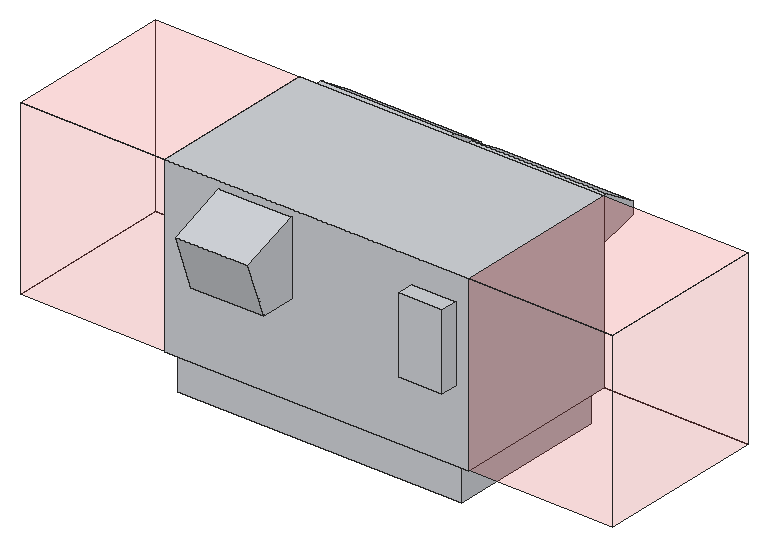
Revit family
Parameters (values of type "460 V Three Phase")
  Weight Scheduled [instance] = 2220  # constant formula
  Voltage Workaround = Voltage / 1 V  # 460
  Voltage Scheduled = Voltage  # 460 V
  Voltage = 460 V
  VoltAmps Workaround [instance] = Voltage Workaround * Total FLA * sqrt(Phase)  # 0
  VoltAmps [instance] = VoltAmps Workaround * 1 VA  # 0 VA
  VFD [instance] = yes
  URL = "http://www.renewaire.com/products/commercial-products/outdoor-models/le6xrt"
  Total FLA [instance] = if(or(Supply Motor FLA = 0, Exhaust Motor FLA = 0), 0, (Supply Motor FLA * Supply Motor Count) + (Exhaust Motor FLA * Exhaust Motor Count))  # 0
  Supply Motor RPM Scheduled [instance] = Supply Motor RPM  # 0
  Supply Motor RPM [instance] = if(and(or(Supply ESP = 0, Supply ESP > 0), Supply ESP < 0.25), if(Supply Motor HP = 3, if(Supply CFM > 4220 CFM, 0, if(Supply CFM > 3980 CFM, 837, if(Supply CFM > 4470 CFM, 796, if(Supply CFM > 3620 CFM, 755, if(Supply CFM > 3500 CFM, 714, if(Supply CFM > 3420 CFM, 673, 632)))))), if(Supply Motor HP = 5, if(Supply CFM > 5170 CFM, 0, if(Supply CFM > 4880 CFM, 982, if(Supply CFM > 4600 CFM, 940, if(Supply CFM > 4340 CFM, 898, if(Supply CFM > 4090 CFM, 857, if(Supply CFM > 3870 CFM, 815, 773)))))), if(Supply Motor HP = 7.5, if(Supply CFM > 6430 CFM, 0, if(Supply CFM > 5960 CFM, 1122, if(Supply CFM > 5610 CFM, 1082, if(Supply CFM > 5300 CFM, 1041, 1000)))), 0))), if(and(or(Supply ESP = 0.25, Supply ESP > 0.25), Supply ESP < 0.5), if(Supply Motor HP = 3, if(Supply CFM > 3920 CFM, 0, if(Supply CFM > 3660 CFM, 837, if(Supply CFM > 3440 CFM, 796, if(Supply CFM > 3270 CFM, 755, if(Supply CFM > 3150 CFM, 714, if(Supply CFM > 3080 CFM, 673, 632)))))), if(Supply Motor HP = 5, if(Supply CFM > 4940 CFM, 0, if(Supply CFM > 4640 CFM, 982, if(Supply CFM > 4330 CFM, 940, if(Supply CFM > 4050 CFM, 898, if(Supply CFM > 3770 CFM, 857, if(Supply CFM > 3530 CFM, 815, 773)))))), if(Supply Motor HP = 7.5, if(Supply CFM > 6600 CFM, 0, if(Supply CFM > 6150 CFM, 1163, if(Supply CFM > 5730 CFM, 1122, if(Supply CFM > 5380 CFM, 1082, if(Supply CFM > 5070 CFM, 1041, 1000))))), 0))), if(and(or(Supply ESP = 0.5, Supply ESP > 0.5), Supply ESP < 0.75), if(Supply Motor HP = 3, if(Supply CFM > 3520 CFM, 0, if(Supply CFM > 3220 CFM, 837, if(Supply CFM > 2950 CFM, 796, if(Supply CFM > 2750 CFM, 755, if(Supply CFM > 2600 CFM, 714, if(Supply CFM > 2510 CFM, 673, 632)))))), if(Supply Motor HP = 5, if(Supply CFM > 4670 CFM, 0, if(Supply CFM > 4340 CFM, 982, if(Supply CFM > 4000 CFM, 940, if(Supply CFM > 3670 CFM, 898, if(Supply CFM > 3350 CFM, 857, if(Supply CFM > 3060 CFM, 815, 773)))))), if(Supply Motor HP = 7.5, if(Supply CFM > 6490 CFM, 0, if(Supply CFM > 5850 CFM, 1163, if(Supply CFM > 5460 CFM, 1122, if(Supply CFM > 5130 CFM, 1082, if(Supply CFM > 4810 CFM, 1041, 1000))))), 0))), if(and(or(Supply ESP = 0.75, Supply ESP > 0.75), Supply ESP < 1), if(Supply Motor HP = 3, if(Supply CFM > 2880 CFM, 0, if(Supply CFM > 2400 CFM, 837, if(Supply CFM > 1800 CFM, 796, 755))), if(Supply Motor HP = 5, if(Supply CFM > 4330 CFM, 0, if(Supply CFM > 3950 CFM, 982, if(Supply CFM > 3540 CFM, 940, if(Supply CFM > 3100 CFM, 898, if(Supply CFM > 2630 CFM, 857, if(Supply CFM > 2090 CFM, 815, 773)))))), if(Supply Motor HP = 7.5, if(Supply CFM > 6600 CFM, 0, if(Supply CFM > 5990 CFM, 1204, if(Supply CFM > 5510 CFM, 1163, if(Supply CFM > 5160 CFM, 1122, if(Supply CFM > 4830 CFM, 1082, if(Supply CFM > 4490 CFM, 1041, 1000)))))), 0))), if(and(or(Supply ESP = 1, Supply ESP > 1), Supply ESP < 1.25), if(Supply Motor HP = 5, if(Supply CFM > 3880 CFM, 0, if(Supply CFM > 3380 CFM, 982, if(Supply CFM > 2700 CFM, 940, if(Supply CFM > 1770 CFM, 898, 857)))), if(Supply Motor HP = 7.5, if(Supply CFM > 6230 CFM, 0, if(Supply CFM > 5510 CFM, 1204, if(Supply CFM > 5140 CFM, 1163, if(Supply CFM > 4810 CFM, 1122, if(Supply CFM > 4460 CFM, 1082, if(Supply CFM > 4070 CFM, 1041, 1000)))))), 0)), if(and(or(Supply ESP = 1.25, Supply ESP > 1.25), Supply ESP < 1.5), if(Supply Motor HP = 5, if(Supply CFM > 3160 CFM, 0, if(Supply CFM > 2050 CFM, 982, 940)), if(Supply Motor HP = 7.5, if(Supply CFM > 5380 CFM, 0, if(Supply CFM > 5040 CFM, 1204, if(Supply CFM > 4720 CFM, 1163, if(Supply CFM > 4380 CFM, 1122, if(Supply CFM > 3980 CFM, 1082, if(Supply CFM > 3460 CFM, 1041, 1000)))))), 0)), if(and(or(Supply ESP = 1.5, Supply ESP > 1.5), Supply ESP < 1.75), if(Supply Motor HP = 5, if(Supply CFM > 1400 CFM, 0, 982), if(Supply Motor HP = 7.5, if(Supply CFM > 4800 CFM, 0, if(Supply CFM > 4550 CFM, 1204, if(Supply CFM > 4230 CFM, 1163, if(Supply CFM > 3830 CFM, 1122, if(Supply CFM > 3240 CFM, 1082, if(Supply CFM > 2100 CFM, 1041, 1000)))))), 0)), if(and(or(Supply ESP = 1.75, Supply ESP > 1.75), Supply ESP < 2), if(Supply Motor HP = 7.5, if(Supply CFM > 4300 CFM, 0, if(Supply CFM > 4020 CFM, 1204, if(Supply CFM > 3630 CFM, 1163, if(Supply CFM > 3010 CFM, 1122, if(Supply CFM > 1600 CFM, 1082, 1041))))), 0), if(Supply ESP = 2, if(Supply Motor HP = 7.5, if(Supply CFM > 3800 CFM, 0, if(Supply CFM > 3440 CFM, 1204, if(Supply CFM > 2800 CFM, 1163, 1122))), 0), 0)))))))))  # 0
  Supply Motor HP Scheduled [instance] = Supply Motor HP  # 0
  Supply Motor HP [instance] = 0
  Supply Motor FLA [instance] = if(VFD, if(Supply Motor BHP = 0, 0, if(Supply Motor HP = 3, if(and(or(Voltage = 208 V, Voltage = 230 V), Phase = 1), 9.38, if(and(or(Voltage = 208 V, Voltage = 230 V), Phase = 3), 9.38, if(and(Voltage = 460 V, Phase = 3), 4.24, if(and(Voltage = 575 V, Phase = 3), 3.3, 0)))), if(Supply Motor HP = 5, if(and(or(Voltage = 208 V, Voltage = 230 V), Phase = 3), 14.5, if(and(Voltage = 460 V, Phase = 3), 6.7, if(and(Voltage = 575 V, Phase = 3), 5.3, 0))), if(Supply Motor HP = 7.5, if(and(or(Voltage = 208 V, Voltage = 230 V), Phase = 3), 21, if(and(Voltage = 460 V, Phase = 3), 9.4, if(and(Voltage = 575 V, Phase = 3), 7.6, 0))), 0)))), if(Supply Motor BHP = 0, 0, if(Supply Motor HP = 3, if(and(or(Voltage = 208 V, Voltage = 230 V), Phase = 1), 14.7, if(and(or(Voltage = 208 V, Voltage = 230 V), Phase = 3), 9.38, if(and(Voltage = 460 V, Phase = 3), 4.24, if(and(Voltage = 575 V, Phase = 3), 3.3, 0)))), if(Supply Motor HP = 5, if(and(or(Voltage = 208 V, Voltage = 230 V), Phase = 3), 14.5, if(and(Voltage = 460 V, Phase = 3), 6.7, if(and(Voltage = 575 V, Phase = 3), 5.3, 0))), if(Supply Motor HP = 7.5, if(and(or(Voltage = 208 V, Voltage = 230 V), Phase = 3), 21, if(and(Voltage = 460 V, Phase = 3), 9.4, if(and(Voltage = 575 V, Phase = 3), 7.6, 0))), 0)))))  # 0
  Supply Motor Count Scheduled [instance] = Supply Motor Count  # 1
  Supply Motor Count [instance] = 1  # constant formula
  Supply Motor BHP [instance] = if(and(or(Supply ESP = 0, Supply ESP > 0), Supply ESP < 0.25), if(Supply Motor HP = 3, if(Supply CFM > 4220 CFM, 0, if(Supply CFM > 3980 CFM, 2.3, if(Supply CFM > 4470 CFM, 2, if(Supply CFM > 3620 CFM, 1.8, if(Supply CFM > 3500 CFM, 1.5, if(Supply CFM > 3420 CFM, 1.4, 1.2)))))), if(Supply Motor HP = 5, if(Supply CFM > 5170 CFM, 0, if(Supply CFM > 4880 CFM, 3.9, if(Supply CFM > 4600 CFM, 3.4, if(Supply CFM > 4340 CFM, 2.9, if(Supply CFM > 4090 CFM, 2.5, if(Supply CFM > 3870 CFM, 2.2, 1.9)))))), if(Supply Motor HP = 7.5, if(Supply CFM > 6430 CFM, 0, if(Supply CFM > 5960 CFM, 6.4, if(Supply CFM > 5610 CFM, 5.5, if(Supply CFM > 5300 CFM, 4.8, 4.2)))), 0))), if(and(or(Supply ESP = 0.25, Supply ESP > 0.25), Supply ESP < 0.5), if(Supply Motor HP = 3, if(Supply CFM > 3920 CFM, 0, if(Supply CFM > 3660 CFM, 2.1, if(Supply CFM > 3440 CFM, 1.8, if(Supply CFM > 3270 CFM, 1.6, if(Supply CFM > 3150 CFM, 1.4, if(Supply CFM > 3080 CFM, 1.2, 1.1)))))), if(Supply Motor HP = 5, if(Supply CFM > 4940 CFM, 0, if(Supply CFM > 4640 CFM, 3.7, if(Supply CFM > 4330 CFM, 2.7, if(Supply CFM > 4050 CFM, 2.7, if(Supply CFM > 3770 CFM, 2.3, if(Supply CFM > 3530 CFM, 2, 1.7)))))), if(Supply Motor HP = 7.5, if(Supply CFM > 6600 CFM, 0, if(Supply CFM > 6150 CFM, 7, if(Supply CFM > 5730 CFM, 6, if(Supply CFM > 5380 CFM, 5.1, if(Supply CFM > 5070 CFM, 4.5, 3.9))))), 0))), if(and(or(Supply ESP = 0.5, Supply ESP > 0.5), Supply ESP < 0.75), if(Supply Motor HP = 3, if(Supply CFM > 3520 CFM, 0, if(Supply CFM > 3220 CFM, 1.9, if(Supply CFM > 2950 CFM, 1.6, if(Supply CFM > 2750 CFM, 1.4, if(Supply CFM > 2600 CFM, 1.2, if(Supply CFM > 2510 CFM, 1.1, 1)))))), if(Supply Motor HP = 5, if(Supply CFM > 4670 CFM, 0, if(Supply CFM > 4340 CFM, 3.4, if(Supply CFM > 4000 CFM, 2.4, if(Supply CFM > 3670 CFM, 2.4, if(Supply CFM > 3350 CFM, 2, if(Supply CFM > 3060 CFM, 1.7, 1.4)))))), if(Supply Motor HP = 7.5, if(Supply CFM > 6490 CFM, 0, if(Supply CFM > 5850 CFM, 6.7, if(Supply CFM > 5460 CFM, 5.5, if(Supply CFM > 5130 CFM, 4.8, if(Supply CFM > 4810 CFM, 4.2, 3.6))))), 0))), if(and(or(Supply ESP = 0.75, Supply ESP > 0.75), Supply ESP < 1), if(Supply Motor HP = 3, if(Supply CFM > 2880 CFM, 0, if(Supply CFM > 2400 CFM, 1.5, if(Supply CFM > 1800 CFM, 1.2, 1))), if(Supply Motor HP = 5, if(Supply CFM > 4330 CFM, 0, if(Supply CFM > 3950 CFM, 3.1, if(Supply CFM > 3540 CFM, 2.6, if(Supply CFM > 3100 CFM, 2.1, if(Supply CFM > 2630 CFM, 1.7, if(Supply CFM > 2090 CFM, 1.4, 1.1)))))), if(Supply Motor HP = 7.5, if(Supply CFM > 6600 CFM, 0, if(Supply CFM > 5990 CFM, 7, if(Supply CFM > 5510 CFM, 5.9, if(Supply CFM > 5160 CFM, 5.1, if(Supply CFM > 4830 CFM, 4.4, if(Supply CFM > 4490 CFM, 3.8, 3.3)))))), 0))), if(and(or(Supply ESP = 1, Supply ESP > 1), Supply ESP < 1.25), if(Supply Motor HP = 5, if(Supply CFM > 3880 CFM, 0, if(Supply CFM > 3380 CFM, 2.7, if(Supply CFM > 2700 CFM, 2.1, if(Supply CFM > 1770 CFM, 1.6, 1.1)))), if(Supply Motor HP = 7.5, if(Supply CFM > 6230 CFM, 0, if(Supply CFM > 5510 CFM, 6.5, if(Supply CFM > 5140 CFM, 5.3, if(Supply CFM > 4810 CFM, 4.6, if(Supply CFM > 4460 CFM, 4, if(Supply CFM > 4070 CFM, 3.5, 2.9)))))), 0)), if(and(or(Supply ESP = 1.25, Supply ESP > 1.25), Supply ESP < 1.5), if(Supply Motor HP = 5, if(Supply CFM > 3160 CFM, 0, if(Supply CFM > 2050 CFM, 2.2, 1.5)), if(Supply Motor HP = 7.5, if(Supply CFM > 5380 CFM, 0, if(Supply CFM > 5040 CFM, 5.3, if(Supply CFM > 4720 CFM, 4.7, if(Supply CFM > 4380 CFM, 4.1, if(Supply CFM > 3980 CFM, 3.6, if(Supply CFM > 3460 CFM, 3, 2.4)))))), 0)), if(and(or(Supply ESP = 1.5, Supply ESP > 1.5), Supply ESP < 1.75), if(Supply Motor HP = 5, if(Supply CFM > 1400 CFM, 0, 1.4), if(Supply Motor HP = 7.5, if(Supply CFM > 4800 CFM, 0, if(Supply CFM > 4550 CFM, 4.6, if(Supply CFM > 4230 CFM, 4.1, if(Supply CFM > 3830 CFM, 3.6, if(Supply CFM > 3240 CFM, 3.1, if(Supply CFM > 2100 CFM, 2.4, 1.7)))))), 0)), if(and(or(Supply ESP = 1.75, Supply ESP > 1.75), Supply ESP < 2), if(Supply Motor HP = 7.5, if(Supply CFM > 4300 CFM, 0, if(Supply CFM > 4020 CFM, 4, if(Supply CFM > 3630 CFM, 3.6, if(Supply CFM > 3010 CFM, 2.5, if(Supply CFM > 1600 CFM, 2.5, 1.7))))), 0), if(Supply ESP = 2, if(Supply Motor HP = 7.5, if(Supply CFM > 3800 CFM, 0, if(Supply CFM > 3440 CFM, 3.6, if(Supply CFM > 2800 CFM, 3.1, 2.5))), 0), 0)))))))))  # 0
  Supply ESP Scheduled [instance] = Supply ESP  # 0
  Supply ESP [instance] = 0
  Supply CFM Scheduled [instance] = Supply CFM  # 0 CFM
  Supply CFM [instance] = 0 CFM
  Supply Air Winter RH Scheduled [instance] = 0
  Supply Air Winter DB Scheduled [instance] = 0
  Supply Air Summer RH Scheduled [instance] = 0
  Supply Air Summer DB Scheduled [instance] = 0
  Phase Scheduled = Phase  # 3
  Phase = 3
  Outside Air Winter RH Scheduled [instance] = 0
  Outside Air Winter DB Scheduled [instance] = 0
  Outside Air Summer RH Scheduled [instance] = 0
  Outside Air Summer DB Scheduled [instance] = 0
  Number of Poles = 3
  Model = "LE6XRTV"
  Manufacturer = "RenewAire"
  MOCP Scheduled [instance] = MOCP  # 0
  MOCP [instance] = if(Total FLA = 0, 0, if(VFD, if(and(or(Voltage = 208 V, Voltage = 230 V), Phase = 1), if(and(Supply Motor HP = 3, Exhaust Motor HP = 3), 45, 0), if(and(or(Voltage = 208 V, Voltage = 230 V), Phase = 3), if(and(Supply Motor HP = 3, Exhaust Motor HP = 3), 25, if(and(Supply Motor HP = 3, Exhaust Motor HP = 5), 40, if(and(Supply Motor HP = 3, Exhaust Motor HP = 7.5), 50, if(and(Supply Motor HP = 5, Exhaust Motor HP = 3), 40, if(and(Supply Motor HP = 5, Exhaust Motor HP = 5), 45, if(and(Supply Motor HP = 5, Exhaust Motor HP = 7.5), 60, if(and(Supply Motor HP = 7.5, Exhaust Motor HP = 3), 50, if(and(Supply Motor HP = 7.5, Exhaust Motor HP = 5), 60, if(and(Supply Motor HP = 7.5, Exhaust Motor HP = 7.5), 60, 0))))))))), if(and(Voltage = 460 V, Phase = 3), if(and(Supply Motor HP = 3, Exhaust Motor HP = 3), 15, if(and(Supply Motor HP = 3, Exhaust Motor HP = 5), 15, if(and(Supply Motor HP = 3, Exhaust Motor HP = 7.5), 20, if(and(Supply Motor HP = 5, Exhaust Motor HP = 3), 15, if(and(Supply Motor HP = 5, Exhaust Motor HP = 5), 20, if(and(Supply Motor HP = 5, Exhaust Motor HP = 7.5), 25, if(and(Supply Motor HP = 7.5, Exhaust Motor HP = 3), 20, if(and(Supply Motor HP = 7.5, Exhaust Motor HP = 5), 25, if(and(Supply Motor HP = 7.5, Exhaust Motor HP = 7.5), 30, 0))))))))), if(and(Voltage = 575 V, Phase = 3), if(and(Supply Motor HP = 3, Exhaust Motor HP = 3), 15, if(and(Supply Motor HP = 3, Exhaust Motor HP = 5), 15, if(and(Supply Motor HP = 3, Exhaust Motor HP = 7.5), 20, if(and(Supply Motor HP = 5, Exhaust Motor HP = 3), 15, if(and(Supply Motor HP = 5, Exhaust Motor HP = 5), 15, if(and(Supply Motor HP = 5, Exhaust Motor HP = 7.5), 20, if(and(Supply Motor HP = 7.5, Exhaust Motor HP = 3), 20, if(and(Supply Motor HP = 7.5, Exhaust Motor HP = 5), 20, if(and(Supply Motor HP = 7.5, Exhaust Motor HP = 7.5), 20, 0))))))))), 0)))), if(and(or(Voltage = 208 V, Voltage = 230 V), Phase = 1), if(and(Supply Motor HP = 3, Exhaust Motor HP = 3), 40, 0), if(and(or(Voltage = 208 V, Voltage = 230 V), Phase = 3), if(and(Supply Motor HP = 3, Exhaust Motor HP = 3), 25, if(and(Supply Motor HP = 3, Exhaust Motor HP = 5), 40, if(and(Supply Motor HP = 3, Exhaust Motor HP = 7.5), 50, if(and(Supply Motor HP = 5, Exhaust Motor HP = 3), 40, if(and(Supply Motor HP = 5, Exhaust Motor HP = 5), 45, if(and(Supply Motor HP = 5, Exhaust Motor HP = 7.5), 60, if(and(Supply Motor HP = 7.5, Exhaust Motor HP = 3), 50, if(and(Supply Motor HP = 7.5, Exhaust Motor HP = 5), 60, if(and(Supply Motor HP = 7.5, Exhaust Motor HP = 7.5), 60, 0))))))))), if(and(Voltage = 460 V, Phase = 3), if(and(Supply Motor HP = 3, Exhaust Motor HP = 3), 15, if(and(Supply Motor HP = 3, Exhaust Motor HP = 5), 15, if(and(Supply Motor HP = 3, Exhaust Motor HP = 7.5), 20, if(and(Supply Motor HP = 5, Exhaust Motor HP = 3), 15, if(and(Supply Motor HP = 5, Exhaust Motor HP = 5), 20, if(and(Supply Motor HP = 5, Exhaust Motor HP = 7.5), 25, if(and(Supply Motor HP = 7.5, Exhaust Motor HP = 3), 20, if(and(Supply Motor HP = 7.5, Exhaust Motor HP = 5), 25, if(and(Supply Motor HP = 7.5, Exhaust Motor HP = 7.5), 30, 0))))))))), if(and(Voltage = 575 V, Phase = 3), if(and(Supply Motor HP = 3, Exhaust Motor HP = 3), 15, if(and(Supply Motor HP = 3, Exhaust Motor HP = 5), 15, if(and(Supply Motor HP = 3, Exhaust Motor HP = 7.5), 20, if(and(Supply Motor HP = 5, Exhaust Motor HP = 3), 15, if(and(Supply Motor HP = 5, Exhaust Motor HP = 5), 15, if(and(Supply Motor HP = 5, Exhaust Motor HP = 7.5), 20, if(and(Supply Motor HP = 7.5, Exhaust Motor HP = 3), 20, if(and(Supply Motor HP = 7.5, Exhaust Motor HP = 5), 20, if(and(Supply Motor HP = 7.5, Exhaust Motor HP = 7.5), 20, 0))))))))), 0))))))  # 0
  MCA Scheduled [instance] = MCA  # 0
  MCA [instance] = if(Total FLA = 0, 0, if(VFD, if(and(or(Voltage = 208 V, Voltage = 230 V), Phase = 1), if(and(Supply Motor HP = 3, Exhaust Motor HP = 3), 40.2, 0), if(and(or(Voltage = 208 V, Voltage = 230 V), Phase = 3), if(and(Supply Motor HP = 3, Exhaust Motor HP = 3), 23.2, if(and(Supply Motor HP = 3, Exhaust Motor HP = 5), 30.3, if(and(Supply Motor HP = 3, Exhaust Motor HP = 7.5), 36.2, if(and(Supply Motor HP = 5, Exhaust Motor HP = 3), 30.3, if(and(Supply Motor HP = 5, Exhaust Motor HP = 5), 35.9, if(and(Supply Motor HP = 5, Exhaust Motor HP = 7.5), 44.8, if(and(Supply Motor HP = 7.5, Exhaust Motor HP = 3), 39.2, if(and(Supply Motor HP = 7.5, Exhaust Motor HP = 5), 44.8, if(and(Supply Motor HP = 7.5, Exhaust Motor HP = 7.5), 52, 0))))))))), if(and(Voltage = 460 V, Phase = 3), if(and(Supply Motor HP = 3, Exhaust Motor HP = 3), 10.5, if(and(Supply Motor HP = 3, Exhaust Motor HP = 5), 13.9, if(and(Supply Motor HP = 3, Exhaust Motor HP = 7.5), 17.6, if(and(Supply Motor HP = 5, Exhaust Motor HP = 3), 13.9, if(and(Supply Motor HP = 5, Exhaust Motor HP = 5), 16.6, if(and(Supply Motor HP = 5, Exhaust Motor HP = 7.5), 20.3, if(and(Supply Motor HP = 7.5, Exhaust Motor HP = 3), 17.6, if(and(Supply Motor HP = 7.5, Exhaust Motor HP = 5), 20.3, if(and(Supply Motor HP = 7.5, Exhaust Motor HP = 7.5), 23.3, 0))))))))), if(and(Voltage = 575 V, Phase = 3), if(and(Supply Motor HP = 3, Exhaust Motor HP = 3), 8.2, if(and(Supply Motor HP = 3, Exhaust Motor HP = 5), 10.9, if(and(Supply Motor HP = 3, Exhaust Motor HP = 7.5), 14.1, if(and(Supply Motor HP = 5, Exhaust Motor HP = 3), 10.9, if(and(Supply Motor HP = 5, Exhaust Motor HP = 5), 13.1, if(and(Supply Motor HP = 5, Exhaust Motor HP = 7.5), 16.3, if(and(Supply Motor HP = 7.5, Exhaust Motor HP = 3), 14.1, if(and(Supply Motor HP = 7.5, Exhaust Motor HP = 5), 16.3, if(and(Supply Motor HP = 7.5, Exhaust Motor HP = 7.5), 18.8, 0))))))))), 0)))), if(and(or(Voltage = 208 V, Voltage = 230 V), Phase = 1), if(and(Supply Motor HP = 3, Exhaust Motor HP = 3), 33.1, 0), if(and(or(Voltage = 208 V, Voltage = 230 V), Phase = 3), if(and(Supply Motor HP = 3, Exhaust Motor HP = 3), 21.1, if(and(Supply Motor HP = 3, Exhaust Motor HP = 5), 27.5, if(and(Supply Motor HP = 3, Exhaust Motor HP = 7.5), 35.6, if(and(Supply Motor HP = 5, Exhaust Motor HP = 3), 27.5, if(and(Supply Motor HP = 5, Exhaust Motor HP = 5), 32.6, if(and(Supply Motor HP = 5, Exhaust Motor HP = 7.5), 40.8, if(and(Supply Motor HP = 7.5, Exhaust Motor HP = 3), 35.6, if(and(Supply Motor HP = 7.5, Exhaust Motor HP = 5), 40.8, if(and(Supply Motor HP = 7.5, Exhaust Motor HP = 7.5), 47.3, 0))))))))), if(and(Voltage = 460 V, Phase = 3), if(and(Supply Motor HP = 3, Exhaust Motor HP = 3), 9.5, if(and(Supply Motor HP = 3, Exhaust Motor HP = 5), 12.6, if(and(Supply Motor HP = 3, Exhaust Motor HP = 7.5), 16, if(and(Supply Motor HP = 5, Exhaust Motor HP = 3), 12.6, if(and(Supply Motor HP = 5, Exhaust Motor HP = 5), 15.1, if(and(Supply Motor HP = 5, Exhaust Motor HP = 7.5), 18.5, if(and(Supply Motor HP = 7.5, Exhaust Motor HP = 3), 16, if(and(Supply Motor HP = 7.5, Exhaust Motor HP = 5), 18.5, if(and(Supply Motor HP = 7.5, Exhaust Motor HP = 7.5), 21.2, 0))))))))), if(and(Voltage = 575 V, Phase = 3), if(and(Supply Motor HP = 3, Exhaust Motor HP = 3), 7.4, if(and(Supply Motor HP = 3, Exhaust Motor HP = 5), 9.9, if(and(Supply Motor HP = 3, Exhaust Motor HP = 7.5), 12.8, if(and(Supply Motor HP = 5, Exhaust Motor HP = 3), 9.9, if(and(Supply Motor HP = 5, Exhaust Motor HP = 5), 11.9, if(and(Supply Motor HP = 5, Exhaust Motor HP = 7.5), 14.8, if(and(Supply Motor HP = 7.5, Exhaust Motor HP = 3), 12.8, if(and(Supply Motor HP = 7.5, Exhaust Motor HP = 5), 14.8, if(and(Supply Motor HP = 7.5, Exhaust Motor HP = 7.5), 17.1, 0))))))))), 0))))))  # 0
  FLA Scheduled [instance] = Total FLA  # 0
  Exhaust RH Scheduled [instance] = 0
  Exhaust Motor RPM Scheduled [instance] = Exhaust Motor RPM  # 0
  Exhaust Motor RPM [instance] = if(and(or(Exhaust ESP = 0, Exhaust ESP > 0), Exhaust ESP < 0.25), if(Exhaust Motor HP = 3, if(Exhaust CFM > 4220 CFM, 0, if(Exhaust CFM > 3980 CFM, 837, if(Exhaust CFM > 4470 CFM, 796, if(Exhaust CFM > 3620 CFM, 755, if(Exhaust CFM > 3500 CFM, 714, if(Exhaust CFM > 3420 CFM, 673, 632)))))), if(Exhaust Motor HP = 5, if(Exhaust CFM > 5170 CFM, 0, if(Exhaust CFM > 4880 CFM, 982, if(Exhaust CFM > 4600 CFM, 940, if(Exhaust CFM > 4340 CFM, 898, if(Exhaust CFM > 4090 CFM, 857, if(Exhaust CFM > 3870 CFM, 815, 773)))))), if(Exhaust Motor HP = 7.5, if(Exhaust CFM > 6430 CFM, 0, if(Exhaust CFM > 5960 CFM, 1122, if(Exhaust CFM > 5610 CFM, 1082, if(Exhaust CFM > 5300 CFM, 1041, 1000)))), 0))), if(and(or(Exhaust ESP = 0.25, Exhaust ESP > 0.25), Exhaust ESP < 0.5), if(Exhaust Motor HP = 3, if(Exhaust CFM > 3920 CFM, 0, if(Exhaust CFM > 3660 CFM, 837, if(Exhaust CFM > 3440 CFM, 796, if(Exhaust CFM > 3270 CFM, 755, if(Exhaust CFM > 3150 CFM, 714, if(Exhaust CFM > 3080 CFM, 673, 632)))))), if(Exhaust Motor HP = 5, if(Exhaust CFM > 4940 CFM, 0, if(Exhaust CFM > 4640 CFM, 982, if(Exhaust CFM > 4330 CFM, 940, if(Exhaust CFM > 4050 CFM, 898, if(Exhaust CFM > 3770 CFM, 857, if(Exhaust CFM > 3530 CFM, 815, 773)))))), if(Exhaust Motor HP = 7.5, if(Exhaust CFM > 6600 CFM, 0, if(Exhaust CFM > 6150 CFM, 1163, if(Exhaust CFM > 5730 CFM, 1122, if(Exhaust CFM > 5380 CFM, 1082, if(Exhaust CFM > 5070 CFM, 1041, 1000))))), 0))), if(and(or(Exhaust ESP = 0.5, Exhaust ESP > 0.5), Exhaust ESP < 0.75), if(Exhaust Motor HP = 3, if(Exhaust CFM > 3520 CFM, 0, if(Exhaust CFM > 3220 CFM, 837, if(Exhaust CFM > 2950 CFM, 796, if(Exhaust CFM > 2750 CFM, 755, if(Exhaust CFM > 2600 CFM, 714, if(Exhaust CFM > 2510 CFM, 673, 632)))))), if(Exhaust Motor HP = 5, if(Exhaust CFM > 4670 CFM, 0, if(Exhaust CFM > 4340 CFM, 982, if(Exhaust CFM > 4000 CFM, 940, if(Exhaust CFM > 3670 CFM, 898, if(Exhaust CFM > 3350 CFM, 857, if(Exhaust CFM > 3060 CFM, 815, 773)))))), if(Exhaust Motor HP = 7.5, if(Exhaust CFM > 6490 CFM, 0, if(Exhaust CFM > 5850 CFM, 1163, if(Exhaust CFM > 5460 CFM, 1122, if(Exhaust CFM > 5130 CFM, 1082, if(Exhaust CFM > 4810 CFM, 1041, 1000))))), 0))), if(and(or(Exhaust ESP = 0.75, Exhaust ESP > 0.75), Exhaust ESP < 1), if(Exhaust Motor HP = 3, if(Exhaust CFM > 2880 CFM, 0, if(Exhaust CFM > 2400 CFM, 837, if(Exhaust CFM > 1800 CFM, 796, 755))), if(Exhaust Motor HP = 5, if(Exhaust CFM > 4330 CFM, 0, if(Exhaust CFM > 3950 CFM, 982, if(Exhaust CFM > 3540 CFM, 940, if(Exhaust CFM > 3100 CFM, 898, if(Exhaust CFM > 2630 CFM, 857, if(Exhaust CFM > 2090 CFM, 815, 773)))))), if(Exhaust Motor HP = 7.5, if(Exhaust CFM > 6600 CFM, 0, if(Exhaust CFM > 5990 CFM, 1204, if(Exhaust CFM > 5510 CFM, 1163, if(Exhaust CFM > 5160 CFM, 1122, if(Exhaust CFM > 4830 CFM, 1082, if(Exhaust CFM > 4490 CFM, 1041, 1000)))))), 0))), if(and(or(Exhaust ESP = 1, Exhaust ESP > 1), Exhaust ESP < 1.25), if(Exhaust Motor HP = 5, if(Exhaust CFM > 3880 CFM, 0, if(Exhaust CFM > 3380 CFM, 982, if(Exhaust CFM > 2700 CFM, 940, if(Exhaust CFM > 1770 CFM, 898, 857)))), if(Exhaust Motor HP = 7.5, if(Exhaust CFM > 6230 CFM, 0, if(Exhaust CFM > 5510 CFM, 1204, if(Exhaust CFM > 5140 CFM, 1163, if(Exhaust CFM > 4810 CFM, 1122, if(Exhaust CFM > 4460 CFM, 1082, if(Exhaust CFM > 4070 CFM, 1041, 1000)))))), 0)), if(and(or(Exhaust ESP = 1.25, Exhaust ESP > 1.25), Exhaust ESP < 1.5), if(Exhaust Motor HP = 5, if(Exhaust CFM > 3160 CFM, 0, if(Exhaust CFM > 2050 CFM, 982, 940)), if(Exhaust Motor HP = 7.5, if(Exhaust CFM > 5380 CFM, 0, if(Exhaust CFM > 5040 CFM, 1204, if(Exhaust CFM > 4720 CFM, 1163, if(Exhaust CFM > 4380 CFM, 1122, if(Exhaust CFM > 3980 CFM, 1082, if(Exhaust CFM > 3460 CFM, 1041, 1000)))))), 0)), if(and(or(Exhaust ESP = 1.5, Exhaust ESP > 1.5), Exhaust ESP < 1.75), if(Exhaust Motor HP = 5, if(Exhaust CFM > 1400 CFM, 0, 982), if(Exhaust Motor HP = 7.5, if(Exhaust CFM > 4800 CFM, 0, if(Exhaust CFM > 4550 CFM, 1204, if(Exhaust CFM > 4230 CFM, 1163, if(Exhaust CFM > 3830 CFM, 1122, if(Exhaust CFM > 3240 CFM, 1082, if(Exhaust CFM > 2100 CFM, 1041, 1000)))))), 0)), if(and(or(Exhaust ESP = 1.75, Exhaust ESP > 1.75), Exhaust ESP < 2), if(Exhaust Motor HP = 7.5, if(Exhaust CFM > 4300 CFM, 0, if(Exhaust CFM > 4020 CFM, 1204, if(Exhaust CFM > 3630 CFM, 1163, if(Exhaust CFM > 3010 CFM, 1122, if(Exhaust CFM > 1600 CFM, 1082, 1041))))), 0), if(Exhaust ESP = 2, if(Exhaust Motor HP = 7.5, if(Exhaust CFM > 3800 CFM, 0, if(Exhaust CFM > 3440 CFM, 1204, if(Exhaust CFM > 2800 CFM, 1163, 1122))), 0), 0)))))))))  # 0
  Exhaust Motor HP Scheduled [instance] = Exhaust Motor HP  # 0
  Exhaust Motor HP [instance] = 0
  Exhaust Motor FLA [instance] = if(VFD, if(Exhaust Motor BHP = 0, 0, if(Exhaust Motor HP = 3, if(and(or(Voltage = 208 V, Voltage = 230 V), Phase = 1), 9.38, if(and(or(Voltage = 208 V, Voltage = 230 V), Phase = 3), 9.38, if(and(Voltage = 460 V, Phase = 3), 4.24, if(and(Voltage = 575 V, Phase = 3), 3.3, 0)))), if(Exhaust Motor HP = 5, if(and(or(Voltage = 208 V, Voltage = 230 V), Phase = 3), 14.5, if(and(Voltage = 460 V, Phase = 3), 6.7, if(and(Voltage = 575 V, Phase = 3), 5.3, 0))), if(Exhaust Motor HP = 7.5, if(and(or(Voltage = 208 V, Voltage = 230 V), Phase = 3), 21, if(and(Voltage = 460 V, Phase = 3), 9.4, if(and(Voltage = 575 V, Phase = 3), 7.6, 0))), 0)))), if(Exhaust Motor BHP = 0, 0, if(Exhaust Motor HP = 3, if(and(or(Voltage = 208 V, Voltage = 230 V), Phase = 1), 14.7, if(and(or(Voltage = 208 V, Voltage = 230 V), Phase = 3), 9.38, if(and(Voltage = 460 V, Phase = 3), 4.24, if(and(Voltage = 575 V, Phase = 3), 3.3, 0)))), if(Exhaust Motor HP = 5, if(and(or(Voltage = 208 V, Voltage = 230 V), Phase = 3), 14.5, if(and(Voltage = 460 V, Phase = 3), 6.7, if(and(Voltage = 575 V, Phase = 3), 5.3, 0))), if(Exhaust Motor HP = 7.5, if(and(or(Voltage = 208 V, Voltage = 230 V), Phase = 3), 21, if(and(Voltage = 460 V, Phase = 3), 9.4, if(and(Voltage = 575 V, Phase = 3), 7.6, 0))), 0)))))  # 0
  Exhaust Motor Count Scheduled [instance] = Exhaust Motor Count  # 1
  Exhaust Motor Count [instance] = 1  # constant formula
  Exhaust Motor BHP [instance] = if(and(or(Exhaust ESP = 0, Exhaust ESP > 0), Exhaust ESP < 0.25), if(Exhaust Motor HP = 3, if(Exhaust CFM > 4220 CFM, 0, if(Exhaust CFM > 3980 CFM, 2.3, if(Exhaust CFM > 4470 CFM, 2, if(Exhaust CFM > 3620 CFM, 1.8, if(Exhaust CFM > 3500 CFM, 1.5, if(Exhaust CFM > 3420 CFM, 1.4, 1.2)))))), if(Exhaust Motor HP = 5, if(Exhaust CFM > 5170 CFM, 0, if(Exhaust CFM > 4880 CFM, 3.9, if(Exhaust CFM > 4600 CFM, 3.4, if(Exhaust CFM > 4340 CFM, 2.9, if(Exhaust CFM > 4090 CFM, 2.5, if(Exhaust CFM > 3870 CFM, 2.2, 1.9)))))), if(Exhaust Motor HP = 7.5, if(Exhaust CFM > 6430 CFM, 0, if(Exhaust CFM > 5960 CFM, 6.4, if(Exhaust CFM > 5610 CFM, 5.5, if(Exhaust CFM > 5300 CFM, 4.8, 4.2)))), 0))), if(and(or(Exhaust ESP = 0.25, Exhaust ESP > 0.25), Exhaust ESP < 0.5), if(Exhaust Motor HP = 3, if(Exhaust CFM > 3920 CFM, 0, if(Exhaust CFM > 3660 CFM, 2.1, if(Exhaust CFM > 3440 CFM, 1.8, if(Exhaust CFM > 3270 CFM, 1.6, if(Exhaust CFM > 3150 CFM, 1.4, if(Exhaust CFM > 3080 CFM, 1.2, 1.1)))))), if(Exhaust Motor HP = 5, if(Exhaust CFM > 4940 CFM, 0, if(Exhaust CFM > 4640 CFM, 3.7, if(Exhaust CFM > 4330 CFM, 2.7, if(Exhaust CFM > 4050 CFM, 2.7, if(Exhaust CFM > 3770 CFM, 2.3, if(Exhaust CFM > 3530 CFM, 2, 1.7)))))), if(Exhaust Motor HP = 7.5, if(Exhaust CFM > 6600 CFM, 0, if(Exhaust CFM > 6150 CFM, 7, if(Exhaust CFM > 5730 CFM, 6, if(Exhaust CFM > 5380 CFM, 5.1, if(Exhaust CFM > 5070 CFM, 4.5, 3.9))))), 0))), if(and(or(Exhaust ESP = 0.5, Exhaust ESP > 0.5), Exhaust ESP < 0.75), if(Exhaust Motor HP = 3, if(Exhaust CFM > 3520 CFM, 0, if(Exhaust CFM > 3220 CFM, 1.9, if(Exhaust CFM > 2950 CFM, 1.6, if(Exhaust CFM > 2750 CFM, 1.4, if(Exhaust CFM > 2600 CFM, 1.2, if(Exhaust CFM > 2510 CFM, 1.1, 1)))))), if(Exhaust Motor HP = 5, if(Exhaust CFM > 4670 CFM, 0, if(Exhaust CFM > 4340 CFM, 3.4, if(Exhaust CFM > 4000 CFM, 2.4, if(Exhaust CFM > 3670 CFM, 2.4, if(Exhaust CFM > 3350 CFM, 2, if(Exhaust CFM > 3060 CFM, 1.7, 1.4)))))), if(Exhaust Motor HP = 7.5, if(Exhaust CFM > 6490 CFM, 0, if(Exhaust CFM > 5850 CFM, 6.7, if(Exhaust CFM > 5460 CFM, 5.5, if(Exhaust CFM > 5130 CFM, 4.8, if(Exhaust CFM > 4810 CFM, 4.2, 3.6))))), 0))), if(and(or(Exhaust ESP = 0.75, Exhaust ESP > 0.75), Exhaust ESP < 1), if(Exhaust Motor HP = 3, if(Exhaust CFM > 2880 CFM, 0, if(Exhaust CFM > 2400 CFM, 1.5, if(Exhaust CFM > 1800 CFM, 1.2, 1))), if(Exhaust Motor HP = 5, if(Exhaust CFM > 4330 CFM, 0, if(Exhaust CFM > 3950 CFM, 3.1, if(Exhaust CFM > 3540 CFM, 2.6, if(Exhaust CFM > 3100 CFM, 2.1, if(Exhaust CFM > 2630 CFM, 1.7, if(Exhaust CFM > 2090 CFM, 1.4, 1.1)))))), if(Exhaust Motor HP = 7.5, if(Exhaust CFM > 6600 CFM, 0, if(Exhaust CFM > 5990 CFM, 7, if(Exhaust CFM > 5510 CFM, 5.9, if(Exhaust CFM > 5160 CFM, 5.1, if(Exhaust CFM > 4830 CFM, 4.4, if(Exhaust CFM > 4490 CFM, 3.8, 3.3)))))), 0))), if(and(or(Exhaust ESP = 1, Exhaust ESP > 1), Exhaust ESP < 1.25), if(Exhaust Motor HP = 5, if(Exhaust CFM > 3880 CFM, 0, if(Exhaust CFM > 3380 CFM, 2.7, if(Exhaust CFM > 2700 CFM, 2.1, if(Exhaust CFM > 1770 CFM, 1.6, 1.1)))), if(Exhaust Motor HP = 7.5, if(Exhaust CFM > 6230 CFM, 0, if(Exhaust CFM > 5510 CFM, 6.5, if(Exhaust CFM > 5140 CFM, 5.3, if(Exhaust CFM > 4810 CFM, 4.6, if(Exhaust CFM > 4460 CFM, 4, if(Exhaust CFM > 4070 CFM, 3.5, 2.9)))))), 0)), if(and(or(Exhaust ESP = 1.25, Exhaust ESP > 1.25), Exhaust ESP < 1.5), if(Exhaust Motor HP = 5, if(Exhaust CFM > 3160 CFM, 0, if(Exhaust CFM > 2050 CFM, 2.2, 1.5)), if(Exhaust Motor HP = 7.5, if(Exhaust CFM > 5380 CFM, 0, if(Exhaust CFM > 5040 CFM, 5.3, if(Exhaust CFM > 4720 CFM, 4.7, if(Exhaust CFM > 4380 CFM, 4.1, if(Exhaust CFM > 3980 CFM, 3.6, if(Exhaust CFM > 3460 CFM, 3, 2.4)))))), 0)), if(and(or(Exhaust ESP = 1.5, Exhaust ESP > 1.5), Exhaust ESP < 1.75), if(Exhaust Motor HP = 5, if(Exhaust CFM > 1400 CFM, 0, 1.4), if(Exhaust Motor HP = 7.5, if(Exhaust CFM > 4800 CFM, 0, if(Exhaust CFM > 4550 CFM, 4.6, if(Exhaust CFM > 4230 CFM, 4.1, if(Exhaust CFM > 3830 CFM, 3.6, if(Exhaust CFM > 3240 CFM, 3.1, if(Exhaust CFM > 2100 CFM, 2.4, 1.7)))))), 0)), if(and(or(Exhaust ESP = 1.75, Exhaust ESP > 1.75), Exhaust ESP < 2), if(Exhaust Motor HP = 7.5, if(Exhaust CFM > 4300 CFM, 0, if(Exhaust CFM > 4020 CFM, 4, if(Exhaust CFM > 3630 CFM, 3.6, if(Exhaust CFM > 3010 CFM, 2.5, if(Exhaust CFM > 1600 CFM, 2.5, 1.7))))), 0), if(Exhaust ESP = 2, if(Exhaust Motor HP = 7.5, if(Exhaust CFM > 3800 CFM, 0, if(Exhaust CFM > 3440 CFM, 3.6, if(Exhaust CFM > 2800 CFM, 3.1, 2.5))), 0), 0)))))))))  # 0
  Exhaust ESP Scheduled [instance] = Exhaust ESP  # 0
  Exhaust ESP [instance] = 0
  Exhaust DB Scheduled [instance] = 0
  Exhaust CFM Scheduled [instance] = Exhaust CFM  # 0 CFM
  Exhaust CFM [instance] = 0 CFM
  Enthalpy Effect Winter Scheduled [instance] = 0
  Enthalpy Effect Summer Scheduled [instance] = 0
Types (8): name | Voltage Workaround | Voltage Scheduled | Voltage | VFD | Phase Scheduled | Phase | Number of Poles
  (no name) | 460 | 460 V | 460 V | yes | 3 | 3 | 3
  208 V Single Phase | 208 | 208 V | 208 V | yes | 1 | 1 | 2
  230 V Single Phase | 230 | 230 V | 230 V | yes | 1 | 1 | 2
  277 V Single Phase | 277 | 277 V | 277 V | yes | 1 | 1 | 1
  208 V Three Phase | 208 | 208 V | 208 V | no | 3 | 3 | 3
  230 V Three Phase | 230 | 230 V | 230 V | yes | 3 | 3 | 3
  460 V Three Phase | 460 | 460 V | 460 V | yes | 3 | 3 | 3
  575 V Three Phase | 575 | 575 V | 575 V | yes | 3 | 3 | 3
Reference planes (in)
  plane 1 "Center (Front/Back)": y = 0
  plane 2: z = 0
  plane 3 "Center (Left/Right)": x = 0
Forms (in)
  Extrusion 1, solid
    sketch origin (0, 0, 0) x (1, 0, 0) y (0, 1, 0)
      loop
        line (-62.6875, 34.875) -> (-62.6875, -34.875) -> (62.6875, -34.875) -> (62.6875, 34.875) -> (-62.6875, 34.875)
    from 14 to 85.125
  Extrusion 2, solid
    sketch origin (0, -1, 0) x (1, 0, 0) y (0, 1, 0)
      loop
        line (-58.75, 34.3125) -> (-58.75, -32.3125) -> (58.75, -32.3125) -> (58.75, 34.3125) -> (-58.75, 34.3125)
    from 0 to 14
  Extrusion 3, solid
    sketch origin (-31.3125, -9.3125, 27) x (0, 1, 0) y (0, 0, 1)
      loop
        line (-25.5625, 55.125) -> (-47.9375, 46.98117) -> (-39.89151, 24.875) -> (-25.5625, 24.875) -> (-25.5625, 55.125)
    from -9.125 to 20.875
  Extrusion 4, solid
    sketch origin (100.1875, 38.875, 0) x (1, 0, 0) y (0, 1, 0)
      loop
        line (-37.5, -4) -> (-37.5, -73.75) -> (22.3125, -73.75) -> (22.3125, -4) -> (-37.5, -4)
    from 14 to 85.125
  Extrusion 5, solid
    sketch origin (-23.5625, 9.375, 28) x (0, 1, 0) y (0, 0, 1)
      loop
        line (25.5, 54.125) -> (25.5, 35.1888) -> (45.125, 40.375) -> (45.125, 45.29469) -> (31.5625, 54.125) -> (25.5, 54.125)
    from -35.625 to 20
  Extrusion 6, solid
    sketch origin (39.1875, 9.375, 28) x (0, 1, 0) y (0, 0, 1)
      loop
        line (25.5, 54.125) -> (25.5, 35.1888) -> (45.125, 40.375) -> (45.125, 45.29469) -> (31.5625, 54.125) -> (25.5, 54.125)
    from -35.625 to 20
  Extrusion 7, solid
    sketch origin (0, 0, 0) x (1, 0, 0) y (0, 0, 1)
      loop
        line (39.4375, 74.75) -> (39.4375, 43.625) -> (57.4375, 43.625) -> (57.4375, 74.75) -> (39.4375, 74.75)
    from 34.875 to 41.875
  Extrusion 8, solid
    sketch origin (-88.1875, 38.875, 0) x (1, 0, 0) y (0, 1, 0)
      loop
        line (-34.3125, -4) -> (-34.3125, -73.75) -> (25.5, -73.75) -> (25.5, -4) -> (-34.3125, -4)
    from 14 to 85.125
Cuts and joins
  joined: Extrusion 1, Extrusion 2, Extrusion 3, Extrusion 5, Extrusion 6, Extrusion 7
Lines and regions (in)
  Split face 1
    outline origin (31.5625, -1, 0) x (1, 0, 0) y (0, 1, 0)
      loop
        line (-26.1875, -6.1875) -> (-26.1875, -26.1875) -> (6.8125, -26.1875) -> (6.8125, -6.1875) -> (-26.1875, -6.1875)
  Split face 2
    outline origin (14.78388, 33.3125, 0) x (0, -1, 0) y (1, 0, 0)
      loop
        line (3, -9.40888) -> (31, -9.40888) -> (31, 23.59112) -> (3, 23.59112) -> (3, -9.40888)
Dimensions and locks (in)
  equal spacing: Extrusion 1 sketch curve, plane 3 "Center (Left/Right)", Extrusion 1 sketch curve
  equal spacing: Extrusion 1 sketch curve, plane 1 "Center (Front/Back)", Extrusion 1 sketch curve
  plane 1 "Center (Front/Back)" to Extrusion 1 sketch curve = 2' - 10 7/8"
  Extrusion 1 sketch curve to plane 3 "Center (Left/Right)" = 5' - 2 11/16"
Connectors (in)
  hvac at (21.875, -17.1875, 0), driven by "Exhaust CFM"
    settings: on Extrusion 2, index 1, duct flow 0 CFM, flow factor 0, pres drop 0.00 in-wg, loss coef 0, conn angle 0.00°, conn width 32", conn height 19", conn radius 12", duct sys type 1, conn prof type 1, flow config 0, flow direction 2, loss method 0, conn ref index -1, conn util no, is conn primary yes, conn desc ""
  hvac at (21.875, 16.3125, 0)
    settings: on cut or joined group of Extrusion 1, Extrusion 2, Extrusion 3, Extrusion 5, Extrusion 6, Extrusion 7, index 6, duct flow 0 CFM, flow factor 0, pres drop 0.00 in-wg, loss coef 0, conn angle 0.00°, conn width 32", conn height 27", conn radius 12", duct sys type 2, conn prof type 1, flow config 0, flow direction 1, loss method 0, conn ref index -1, conn util no, is conn primary no, conn desc ""
  electrical at (48.4375, -41.875, 59.1875), driven by "Number of Poles", driven by "Voltage", driven by "VoltAmps"
    settings: on cut or joined group of Extrusion 1, Extrusion 2, Extrusion 3, Extrusion 5, Extrusion 6, Extrusion 7, index 7, voltage 460 V, apparent load 0 VA, apparent load phase1 0 VA, apparent load phase2 0 VA, apparent load phase3 0 VA, power factor 1, load classification "HVAC", number of poles 3, system type 30, power factor state 1, is connector primary yes, connector utility no, sub classification motor no, connector description ""
